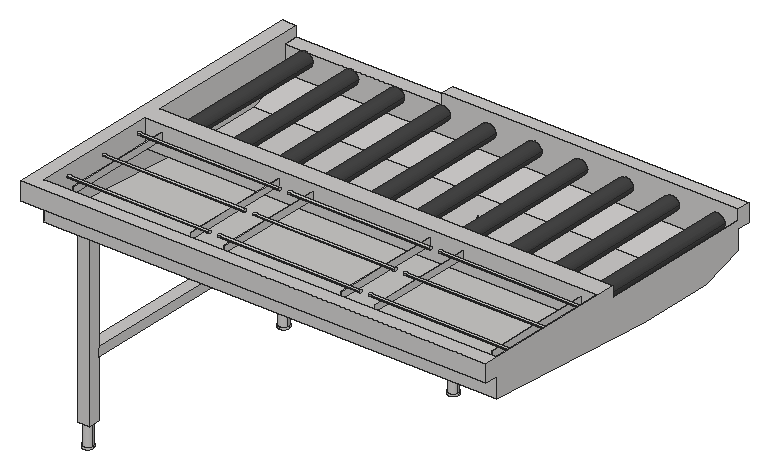
Revit family "QF_ELECTROLUXPROFESSIONAL_865297_HSMSF6RL", category Specialty Equipment, Revit 2018
Family settings
  Round Connector Dimension = Use Diameter
  Part Type = Normal
  Work Plane-Based = No
  Always vertical = Yes
  Cut with Voids When Loaded = No
  Shared = No
  Room Calculation Point = No
Parameters
  Weight = 0.00 kg
  Watts = 0 W
  Volts = 0 V
  URL Manufacturer = ""
  Steam Supply Size = 0 mm
  Steam Supply Minimum Pressure = 0.0 Pa
  Steam Supply Maximum Pressure = 0.0 Pa
  Steam Pounds per Hour = 0
  Refrigeration Suction Line Size = 0 mm
  Refrigeration Liquid Line Size = 0 mm
  Refrigerant Compressor Remote = yes
  Phase = 0
  Length Actual = 0 mm
  Item Number = ""
  Hot Water Size = 0 mm
  Height Actual = 0 mm
  HP = ""
  Gas Size = 0 mm
  Gas KW = 0
  Gas Input Pressure = 0 W
  Depth Actual = 0 mm
  Cycle = 0 Hz
  Condensate Return Size = 0 mm
  Compressed Air Volume = 0.0 L/s
  Compressed Air Size = 0 mm
  Compressed Air Pressure = 0.0 Pa
  Cold Water Size = 0 mm
  Accessory = yes
Reference planes
  plane 1: z = 0
  plane 2 "RIGHT": x = 300
  plane 3: z = 910
  plane 4: z = 0
  plane 5: z = 300
  plane 6 "BACK": y = 310
  plane 7 "FRONT": y = -800
  plane 8 "LEFT": x = -1276.3
  plane 9 "Center A": y = 0
  plane 10 "Center B": x = -966.3
Forms (mm)
  Extrusion 1, solid, material "QF_Finishes_Stainless Steel"
    sketch origin (-976.3, 0, 0) x (1, 0, 0) y (0, 1, 0)
      loop
        line (1276.3, -800) -> (1276.3, -755) -> (-255, -755) -> (-255, 310) -> (-300, 310) -> (-300, -800) -> (1276.3, -800)
      loop
        line (1276.3, 265) -> (1276.3, 310) -> (275, 310) -> (275, 265) -> (1276.3, 265)
    from 850.091 to 910
  Extrusion 2, solid, material "QF_Finishes_Stainless Steel"
    sketch origin (-976.3, 0, 0) x (0, 1, 0) y (0, 0, 1)
      loop
        line (-756.248, 850.091) -> (-756.248, 781.928) -> (-131.216, 738.138) -> (130.849, 738.138) -> (266.249, 782.13) -> (266.249, 850.091) -> (265, 850.091) -> (265, 784.879) -> (130.374, 741.138) -> (-131.111, 741.138) -> (-755, 784.848) -> (-755, 850.091) -> (-756.248, 850.091)
    from -255 to 1275
  Revolve 3, solid, material "QF_Finishes_Stainless Steel"
    sketch origin (-466.3, 0.526, -123.199) x (1, 0, 0) y (0, 0, 1)
      loop
        line (76.494, 861.337) -> (0, 861.337) -> (0, 697.377) -> (21.946, 697.377) -> (23.47, 698.838) -> (23.47, 734.749) -> (37.25, 740.749) -> (37.25, 742.336) -> (38.457, 743.987) -> (38.457, 746.476)
        arc (38.457, 746.476) -> (65.844, 763.962) -> (76.494, 794.661) r 49.516
        line (76.494, 794.661) -> (76.494, 834.985)
        arc (76.494, 834.985) -> (75.887, 836.598) -> (74.377, 837.43) r 2.49
        arc (74.377, 837.43) -> (71.083, 841.301) -> (74.39, 845.16) r 3.913
        arc (74.39, 845.16) -> (75.89, 845.987) -> (76.494, 847.59) r 2.474
        line (76.494, 847.59) -> (76.494, 861.337)
      axis (0, 861.337) -> (0, 697.377)
    angle from 0 to 360
  Extrusion 4, solid, material "QF_Finishes_Stainless Steel"
    sketch origin (-976.3, 0, 0) x (1, 0, 0) y (0, 1, 0)
      loop
        line (-255, -330.124) -> (1275, -330.124) -> (1275, -265) -> (-255, -265) -> (-255, -330.124)
    from 820 to 910
  Extrusion 5, solid, material "QF_Finishes_Stainless Steel"
    sketch origin (300, 310, 0) x (0, -1, 0) y (0, 0, -1)
      loop
        line (1066.248, -781.928) -> (441.216, -738.138) -> (179.151, -738.138) -> (43.751, -782.13) -> (43.751, -850.091) -> (45, -850.091) -> (45, -875) -> (575, -875) -> (575, -910) -> (1066.248, -910) -> (1066.248, -781.928)
    from 0 to -1.3
  Extrusion 6, solid, material "QF_Finishes_Stainless Steel"
    sketch origin (-1233.3, 0, 0) x (0, 1, 0) y (0, 0, -1)
      loop
        line (-756.248, -850.091) -> (266.249, -850.091) -> (266.249, -782.13) -> (130.849, -738.138) -> (-131.216, -738.138) -> (-756.248, -781.928) -> (-756.248, -850.091)
    from 0 to -2
  Extrusion 7, solid, material "QF_Finishes_Stainless Steel"
    sketch origin (49.7, 0.054, -599.081) x (-1, 0, 0) y (0, -1, 0)
      loop
        line (1283, -266.195) -> (1323, -266.195) -> (1323, 521.792) -> (1283, 521.792) -> (1283, -266.195)
    from 869.081 to 899.081
  Extrusion 8, solid, material "QF_Finishes_Black"
    sketch origin (-976.3, -2.5, 0) x (1, 0, 0) y (0, 0, -1)
      loop
        circle (1207.529, -850.047) r 25
      loop
        circle (1052.523, -850.047) r 25
      loop
        circle (897.516, -850.047) r 25
      loop
        circle (742.51, -850.047) r 25
      loop
        circle (587.503, -850.047) r 25
      loop
        circle (432.497, -850.047) r 25
      loop
        circle (277.49, -850.047) r 25
      loop
        circle (122.484, -850.047) r 25
      loop
        circle (-32.523, -850.047) r 25
      loop
        circle (-187.529, -850.047) r 25
    from -262.5 to 267.5
  Extrusion 9, solid, material "QF_Finishes_Stainless Steel"
    sketch origin (-976.3, -7.263, 2.863) x (1, 0, 0) y (0, 1, 0)
      loop
        line (-200.029, -694.438) -> (-196.981, -694.438) -> (-196.981, -322.861) -> (-200.029, -322.861) -> (-200.029, -694.438)
      loop
        line (196.981, -694.438) -> (200.029, -694.438) -> (200.029, -322.861) -> (196.981, -322.861) -> (196.981, -694.438)
      loop
        line (1220.049, -694.438) -> (1220.049, -322.861) -> (1217.001, -322.861) -> (1217.001, -694.438) -> (1220.049, -694.438)
      loop
        line (823.039, -694.438) -> (823.039, -322.861) -> (819.991, -322.861) -> (819.991, -694.438) -> (823.039, -694.438)
      loop
        line (710.007, -694.438) -> (710.007, -322.861) -> (707.023, -322.861) -> (707.023, -694.438) -> (710.007, -694.438)
      loop
        line (312.997, -694.438) -> (312.997, -322.861) -> (310.013, -322.861) -> (310.013, -694.438) -> (312.997, -694.438)
    from 860 to 881.896
  Extrusion 10, solid, material "QF_Finishes_Stainless Steel"
    sketch origin (1351.212, 265, 0) x (0, 1, 0) y (0, 0, -1)
      loop
        circle (-937.158, -888.745) r 3.985
      loop
        circle (-788.819, -888.745) r 3.985
      loop
        circle (-640.48, -888.745) r 3.985
    from 1067.5 to 1547.5
  Extrusion 11, solid, material "QF_Finishes_Stainless Steel"
    sketch origin (841.233, 265, 0) x (0, 1, 0) y (0, 0, -1)
      loop
        circle (-937.158, -888.745) r 3.985
      loop
        circle (-788.819, -888.745) r 3.985
      loop
        circle (-640.48, -888.745) r 3.985
    from 1067.5 to 1547.5
  Extrusion 12, solid, material "QF_Finishes_Stainless Steel"
    sketch origin (331.191, 265, 0) x (0, 1, 0) y (0, 0, -1)
      loop
        circle (-937.158, -888.745) r 3.985
      loop
        circle (-788.819, -888.745) r 3.985
      loop
        circle (-640.48, -888.745) r 3.985
    from 1067.5 to 1547.5
  Extrusion 13, solid, material "QF_Finishes_Stainless Steel"
    sketch origin (-913.8, 757.022, 0) x (1, 0, 0) y (0, 0, -1)
      loop
        line (-362.5, -835) -> (-362.5, -850.091) -> (-317.5, -850.091) -> (-317.5, -875) -> (212.5, -875) -> (212.5, -850.091) -> (257.5, -850.091) -> (257.5, -835) -> (242.5, -820) -> (-347.5, -820) -> (-362.5, -835)
    from -450 to -447.022
  Extrusion 14, solid, material "QF_Finishes_Stainless Steel"
    sketch origin (-701.3, -2290.751, 0) x (0, 1, 0) y (0, 0, -1)
      loop
        line (2597.773, -875) -> (2597.773, -872) -> (2557, -872) -> (2557, -875) -> (2597.773, -875)
    from 0 to 530
  Extrusion 15, solid, material "QF_Finishes_Stainless Steel"
    sketch origin (-913.8, 713.272, 0) x (1, 0, 0) y (0, 0, -1)
      loop
        line (-317.5, -850.091) -> (-317.5, -875) -> (212.5, -875) -> (212.5, -850.091) -> (-317.5, -850.091)
    from -448.272 to -447.022
  Extrusion 16, solid, material "QF_Finishes_Stainless Steel"
    sketch origin (-966.354, -1016, -599.081) x (0, 1, 0) y (-1, 0, 0)
      loop
        line (1282.249, 266.946) -> (1282.249, -267.054) -> (1322.249, -267.054) -> (1322.249, 266.946) -> (1282.249, 266.946)
    from 869.081 to 899.081
Cuts and joins
  joined: Extrusion 1, Extrusion 2, Revolve 3, Extrusion 4, Extrusion 5, Extrusion 6, Extrusion 9, Extrusion 10, Extrusion 11, Extrusion 12, Extrusion 13, Extrusion 14, Extrusion 15
Lines and regions (mm)
  Split face 1
    outline origin (-1362.615, -0.079, 741.138) x (-1, 0, 0) y (0, -1, 0)
      loop
        circle (-896.315, -0.035) r 73.783
  Split face 2
    outline origin (-1362.615, -0.079, 741.138) x (-1, 0, 0) y (0, -1, 0)
      loop
        circle (-896.315, -0.035) r 66.01
  Split face 3
    outline origin (-1362.615, -0.079, 741.138) x (-1, 0, 0) y (0, -1, 0)
      loop
        circle (-896.315, -0.035) r 53.774
  Split face 4
    outline origin (-1362.615, -0.079, 741.138) x (-1, 0, 0) y (0, -1, 0)
      loop
        circle (-896.315, -0.035) r 50.771
  Split face 5
    outline origin (-1362.615, -0.079, 741.138) x (-1, 0, 0) y (0, -1, 0)
      loop
        circle (-896.315, -0.035) r 33.793
  Split face 6
    outline origin (-1362.615, -0.079, 741.138) x (-1, 0, 0) y (0, -1, 0)
      loop
        circle (-896.315, -0.035) r 30.826
  Split face 7
    outline origin (-1362.615, -0.079, 741.138) x (-1, 0, 0) y (0, -1, 0)
      loop
        circle (-896.315, -0.035) r 13.843
  Split face 8
    outline origin (-1362.615, -0.079, 741.138) x (-1, 0, 0) y (0, -1, 0)
      loop
        circle (-896.315, -0.035) r 10.833
  symbolic lines
    curve 1: line (300, 310, 0) -> (-1276.3, 310, 0)
    curve 2: line (300, -800, 0) -> (300, 310, 0)
    curve 3: line (-1276.3, -800, 0) -> (300, -800, 0)
    curve 4: line (-1276.3, 310, 0) -> (-1276.3, -800, 0)
    curve 5: line (298.7, 265, 0) -> (-1231.3, 265, 0)
    curve 6: line (-1231.3, -755, 0) -> (298.7, -755, 0)
    curve 7: line (298.7, -265, 0) -> (-1231.3, -265, 0)
    curve 8: line (-1231.3, -330.124, 0) -> (298.7, -330.124, 0)
    curve 9: line (283.712, -371.495, 0) -> (283.712, -379.465, 0)
    curve 10: line (283.712, -379.465, 0) -> (-196.288, -379.465, 0)
    curve 11: line (-196.288, -379.465, 0) -> (-196.288, -371.495, 0)
    curve 12: line (-196.288, -371.495, 0) -> (283.712, -371.495, 0)
    curve 13: line (283.712, -519.834, 0) -> (283.712, -527.804, 0)
    curve 14: line (283.712, -527.804, 0) -> (-196.288, -527.804, 0)
    curve 15: line (-196.288, -527.804, 0) -> (-196.288, -519.834, 0)
    curve 16: line (-196.288, -519.834, 0) -> (283.712, -519.834, 0)
    curve 17: line (283.712, -668.173, 0) -> (283.712, -676.143, 0)
    curve 18: line (283.712, -676.143, 0) -> (-196.288, -676.143, 0)
    curve 19: line (-196.288, -676.143, 0) -> (-196.288, -668.173, 0)
    curve 20: line (-196.288, -668.173, 0) -> (283.712, -668.173, 0)
    curve 21: line (243.749, -330.124, 0) -> (243.749, -371.495, 0)
    curve 22: line (240.701, -330.124, 0) -> (240.701, -371.495, 0)
    curve 23: line (243.749, -379.465, 0) -> (243.749, -519.834, 0)
    curve 24: line (243.749, -701.7, 0) -> (243.749, -676.143, 0)
    curve 25: line (243.749, -701.7, 0) -> (240.701, -701.7, 0)
    curve 26: line (240.701, -701.7, 0) -> (240.701, -676.143, 0)
    curve 27: line (243.749, -668.173, 0) -> (243.749, -527.804, 0)
    curve 28: line (240.701, -527.804, 0) -> (240.701, -668.173, 0)
    curve 29: line (240.701, -519.834, 0) -> (240.701, -379.465, 0)
    curve 30: line (-153.261, -330.124, 0) -> (-153.261, -371.495, 0)
    curve 31: line (-156.308, -330.124, 0) -> (-156.308, -371.495, 0)
    curve 32: line (-153.261, -379.465, 0) -> (-153.261, -519.834, 0)
    curve 33: line (-153.261, -701.7, 0) -> (-153.261, -676.143, 0)
    curve 34: line (-153.261, -701.7, 0) -> (-156.308, -701.7, 0)
    curve 35: line (-156.308, -701.7, 0) -> (-156.308, -676.143, 0)
    curve 36: line (-153.261, -668.173, 0) -> (-153.261, -527.804, 0)
    curve 37: line (-156.308, -527.804, 0) -> (-156.308, -668.173, 0)
    curve 38: line (-156.308, -519.834, 0) -> (-156.308, -379.465, 0)
    curve 39: line (-226.267, -371.495, 0) -> (-226.267, -379.465, 0)
    curve 40: line (-226.267, -379.465, 0) -> (-706.267, -379.465, 0)
    curve 41: line (-706.267, -379.465, 0) -> (-706.267, -371.495, 0)
    curve 42: line (-706.267, -371.495, 0) -> (-226.267, -371.495, 0)
    curve 43: line (-226.267, -519.834, 0) -> (-226.267, -527.804, 0)
    curve 44: line (-226.267, -527.804, 0) -> (-706.267, -527.804, 0)
    curve 45: line (-706.267, -527.804, 0) -> (-706.267, -519.834, 0)
    curve 46: line (-706.267, -519.834, 0) -> (-226.267, -519.834, 0)
    curve 47: line (-226.267, -668.173, 0) -> (-226.267, -676.143, 0)
    curve 48: line (-226.267, -676.143, 0) -> (-706.267, -676.143, 0)
    curve 49: line (-706.267, -676.143, 0) -> (-706.267, -668.173, 0)
    curve 50: line (-706.267, -668.173, 0) -> (-226.267, -668.173, 0)
    curve 51: line (-266.229, -330.124, 0) -> (-266.229, -371.495, 0)
    curve 52: line (-269.277, -330.124, 0) -> (-269.277, -371.495, 0)
    curve 53: line (-266.229, -379.465, 0) -> (-266.229, -519.834, 0)
    curve 54: line (-266.229, -701.7, 0) -> (-266.229, -676.143, 0)
    curve 55: line (-266.229, -701.7, 0) -> (-269.277, -701.7, 0)
    curve 56: line (-269.277, -701.7, 0) -> (-269.277, -676.143, 0)
    curve 57: line (-266.229, -668.173, 0) -> (-266.229, -527.804, 0)
    curve 58: line (-269.277, -527.804, 0) -> (-269.277, -668.173, 0)
    curve 59: line (-269.277, -519.834, 0) -> (-269.277, -379.465, 0)
    curve 60: line (-663.239, -330.124, 0) -> (-663.239, -371.495, 0)
    curve 61: line (-666.287, -330.124, 0) -> (-666.287, -371.495, 0)
    curve 62: line (-663.239, -379.465, 0) -> (-663.239, -519.834, 0)
    curve 63: line (-663.239, -701.7, 0) -> (-663.239, -676.143, 0)
    curve 64: line (-663.239, -701.7, 0) -> (-666.287, -701.7, 0)
    curve 65: line (-666.287, -701.7, 0) -> (-666.287, -676.143, 0)
    curve 66: line (-663.239, -668.173, 0) -> (-663.239, -527.804, 0)
    curve 67: line (-666.287, -527.804, 0) -> (-666.287, -668.173, 0)
    curve 68: line (-666.287, -519.834, 0) -> (-666.287, -379.465, 0)
    curve 69: line (-736.309, -371.495, 0) -> (-736.309, -379.465, 0)
    curve 70: line (-736.309, -379.465, 0) -> (-1216.309, -379.465, 0)
    curve 71: line (-1216.309, -379.465, 0) -> (-1216.309, -371.495, 0)
    curve 72: line (-1216.309, -371.495, 0) -> (-736.309, -371.495, 0)
    curve 73: line (-736.309, -519.834, 0) -> (-736.309, -527.804, 0)
    curve 74: line (-736.309, -527.804, 0) -> (-1216.309, -527.804, 0)
    curve 75: line (-1216.309, -527.804, 0) -> (-1216.309, -519.834, 0)
    curve 76: line (-1216.309, -519.834, 0) -> (-736.309, -519.834, 0)
    curve 77: line (-736.309, -668.173, 0) -> (-736.309, -676.143, 0)
    curve 78: line (-736.309, -676.143, 0) -> (-1216.309, -676.143, 0)
    curve 79: line (-1216.309, -676.143, 0) -> (-1216.309, -668.173, 0)
    curve 80: line (-1216.309, -668.173, 0) -> (-736.309, -668.173, 0)
    curve 81: line (-776.271, -330.124, 0) -> (-776.271, -371.495, 0)
    curve 82: line (-779.319, -330.124, 0) -> (-779.319, -371.495, 0)
    curve 83: line (-776.271, -379.465, 0) -> (-776.271, -519.834, 0)
    curve 84: line (-776.271, -701.7, 0) -> (-776.271, -676.143, 0)
    curve 85: line (-776.271, -701.7, 0) -> (-779.319, -701.7, 0)
    curve 86: line (-779.319, -701.7, 0) -> (-779.319, -676.143, 0)
    curve 87: line (-776.271, -668.173, 0) -> (-776.271, -527.804, 0)
    curve 88: line (-779.319, -527.804, 0) -> (-779.319, -668.173, 0)
    curve 89: line (-779.319, -519.834, 0) -> (-779.319, -379.465, 0)
    curve 90: line (-1173.281, -330.124, 0) -> (-1173.281, -371.495, 0)
    curve 91: line (-1176.329, -330.124, 0) -> (-1176.329, -371.495, 0)
    curve 92: line (-1173.281, -379.465, 0) -> (-1173.281, -519.834, 0)
    curve 93: line (-1173.281, -701.7, 0) -> (-1173.281, -676.143, 0)
    curve 94: line (-1173.281, -701.7, 0) -> (-1176.329, -701.7, 0)
    curve 95: line (-1176.329, -701.7, 0) -> (-1176.329, -676.143, 0)
    curve 96: line (-1173.281, -668.173, 0) -> (-1173.281, -527.804, 0)
    curve 97: line (-1176.329, -527.804, 0) -> (-1176.329, -668.173, 0)
    curve 98: line (-1176.329, -519.834, 0) -> (-1176.329, -379.465, 0)
    curve 99: line (256.229, 265, 0) -> (256.229, -265, 0)
    curve 100: line (206.229, -265, 0) -> (206.229, 265, 0)
    curve 101: line (101.223, 265, 0) -> (101.223, -265, 0)
    curve 102: line (51.223, -265, 0) -> (51.223, 265, 0)
    curve 103: line (-53.784, 265, 0) -> (-53.784, -265, 0)
    curve 104: line (-103.784, -265, 0) -> (-103.784, 265, 0)
    curve 105: line (-208.79, 265, 0) -> (-208.79, -265, 0)
    curve 106: line (-258.79, -265, 0) -> (-258.79, 265, 0)
    curve 107: line (-363.797, 265, 0) -> (-363.797, -265, 0)
    curve 108: line (-413.797, -265, 0) -> (-413.797, 265, 0)
    curve 109: line (-518.803, 265, 0) -> (-518.803, -265, 0)
    curve 110: line (-568.803, -265, 0) -> (-568.803, 265, 0)
    curve 111: line (-673.81, 265, 0) -> (-673.81, -265, 0)
    curve 112: line (-723.81, -265, 0) -> (-723.81, 265, 0)
    curve 113: line (-828.816, 265, 0) -> (-828.816, -265, 0)
    curve 114: line (-878.816, -265, 0) -> (-878.816, 265, 0)
    curve 115: line (-983.823, 265, 0) -> (-983.823, -265, 0)
    curve 116: line (-1033.823, -265, 0) -> (-1033.823, 265, 0)
    curve 117: line (-1138.829, 265, 0) -> (-1138.829, -265, 0)
    curve 118: line (-1188.829, -265, 0) -> (-1188.829, 265, 0)
    curve 119: line (-1231.3, -755, 0) -> (-1231.3, -330.124, 0)
    curve 120: line (-1231.3, 310, 0) -> (-1231.3, -265, 0)
    curve 121: line (-701.3, 265, 0) -> (-701.3, 310, 0)
    curve 122: line (-966.3, 310, 0) -> (-966.3, 280, 0)
    curve 123: line (300, 0, 0) -> (270, 0, 0)
    curve 124: arc (-542.796, 0.526, 0) -> (-466.3, -75.97, 0) -> (-389.804, 0.526, 0) r 76.496
    curve 125: arc (-389.804, 0.526, 0) -> (-466.3, 77.021, 0) -> (-542.796, 0.526, 0) r 76.496
    curve 126: arc (-488.246, 0.526, 0) -> (-466.3, -21.421, 0) -> (-444.354, 0.526, 0) r 21.946
    curve 127: arc (-444.354, 0.526, 0) -> (-466.3, 22.472, 0) -> (-488.246, 0.526, 0) r 21.946
Dimensions and locks
  plane 3 to level = 910 mm
  plane 8 "LEFT" to plane 2 "RIGHT" = 1576.3 mm
  aligned and locked: level to plane 1
Nested families
  nested 1: "Foot_40x40" at (-1253.3, -541.738, 0), type "Foot_40x40"
    with A 850.091 mm
  nested 2: "Foot_40x40" at (-1253.3, 286.249, 0), type "Foot_40x40"
    with A 850.091 mm
  nested 3: "Foot_40x40" at (-679.3, 286.249, 0) x (-1, 0, 0) z (0, 0, 1), type "Foot_40x40"
    with A 850.091 mm
Definition of nested family "Foot_40x40"
  Parameters
    A [instance] = 850 mm
  Reference planes
    plane 1 "Centro (Fronte/Retro)": y = 0
    plane 2: z = 0
    plane 3 "Centro (Sinistra/Destra)": x = 0
    plane 4: z = 850
  Forms (mm)
    Extrusion 1, solid
      sketch origin (0, 0, 0) x (1, 0, 0) y (0, 1, 0)
        loop
          circle (0, 0) r 18
      from 0 to 5
    Extrusion 2, solid
      sketch origin (0, 0, 5) x (1, 0, 0) y (0, 1, 0)
        loop
          circle (0, 0) r 15
      from 0 to 70
    Extrusion 3, solid
      sketch origin (0, 0, 75) x (1, 0, 0) y (0, 1, 0)
        loop
          line (-20, 20) -> (-20, -20) -> (20, -20) -> (20, 20) -> (-20, 20)
      from 0 to 775
  Dimensions and locks
    "A": plane 4 to plane 2
    aligned and locked: level to plane 2
    aligned and locked: plane 4 to Extrusion 3
    aligned and locked: Extrusion 1 to level
  Automatic sketch dimensions
    plane 1 "Centro (Fronte/Retro)" to Extrusion 1 sketch curve = 0 mm
    Extrusion 1 sketch curve to plane 3 "Centro (Sinistra/Destra)" = 0 mm
    Extrusion 3 sketch curve to Extrusion 3 sketch curve = 40 mm  (x2)
    radius of Extrusion 1 sketch curve = 18 mm
    radius of Extrusion 2 sketch curve to Extrusion 1 = 3 mm
